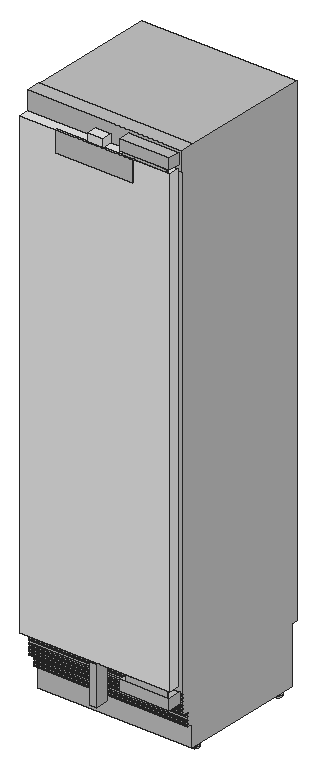
Revit family "FP_Revit_18_RS2484SRK1_Fridge_90001064A", category Specialty Equipment, Revit 2018
Family settings
  Round Connector Dimension = Use Diameter
  Part Type = Normal
  OmniClass Number = 23.40.40.11.11
  OmniClass Title = Refrigerators and Freezers
  Work Plane-Based = No
  Always vertical = Yes
  Cut with Voids When Loaded = Yes
  Shared = No
  Room Calculation Point = No
Parameters (values of type "RS2484SRK1")
  Visibility - Water Connection = no
  Visibility - Visibility Control Note = yes
  Visibility - Clearance Required = yes
  URL = "www.fisherpaykel.com"
  Stainless Steel Door Panels (RD2484R4D) = no
  Product - Width = 603 mm  # constant formula
  Product - Height = 2134 mm  # constant formula
  Product - Depth (exl front panel) = 610 mm  # constant formula
  Model = "RS2484SRK1"
  Material - Handle = Fisher & Paykel - Aluminium
  Material - Door Structure = Fisher & Paykel - White
  Material - Door Front = Fisher & Paykel - Stainless Steel
  Material - Body = Fisher & Paykel - Grey
  Manufacturer = "Fisher & Paykel Appliances"
  Handle Style - Professional Square (AHV2-RD84) = no
  Handle Style - Professional Round (AHC-RD84) = no
  Handle Style - Contemporary Square (AHD3-RD84) = no
  Handle Style - Contemporary Round (AHS-RD84) = no
  Description = "24\" Integrated Column Refrigerator with stainless steel interior"
  Connector Description - Water = "Water Supply not required"
  Connector Description - Electrical = "120 V, 10 amp fused electrical supply"
  Cavity - Width = 610 mm  # constant formula
  Cavity - Height = 2134 mm  # constant formula
  Cavity - Depth = 635 mm  # constant formula
Types (4, lengths in mm): name | Visibility - Water Connection | Model | Description | Connector Description - Water
  (no name) | no | "RS2484SRK1" | "24\" Integrated Column Refrigerator with stainless steel interior" | "Water Supply not required"
  RS2484SRHK1 | yes | "RS2484SRHK1" | "24\" Integrated Column Refrigerator with internal water, stainless steel interior" | "1/4\" (6mm) comp. stainless steel braided hose"
  RS2484SR1 | no | "RS2484SR1" | "24\" Integrated Column Refrigerator" | "Water Supply not required"
  RS2484SRK1 | no | "RS2484SRK1" | "24\" Integrated Column Refrigerator with stainless steel interior" | "Water Supply not required"
Reference planes
  plane 1 "Datum": y = 0
  plane 2: z = 0
  plane 3 "Center (Left/Right)": x = 0
  plane 4 "Product LHS": x = -301.5
  plane 5 "Product RHS": x = 301.5
  plane 6 "Product - Depth": y = 610
  plane 7 "Cavity LHS": x = -305
  plane 8 "Cavity RHS": x = 305
  plane 9 "Cavity - Depth": y = 612.9
  plane 10 "Handle Offset": x = -238.5
  plane 11 "Product Height": z = 2134
  plane 12 "Cavity Height": z = 2134
  plane 13 "Door Panel Datum": y = -4.1
Forms (mm)
  Extrusion 1, solid, material "Fisher & Paykel - Grey" <- "Material - Body", detail levels fine
    sketch origin (0, 0, 0) x (0, 1, 0) y (0, 0, 1)
      loop
        line (100.1, 19.1) -> (587.9, 19.1) -> (587.9, 239.7) -> (610, 239.7) -> (610, 2131.9) -> (105.1, 2131.9) -> (105.1, 2134) -> (49.9, 2134) -> (49.9, 2059) -> (56, 2059) -> (56, 228.6) -> (59.5, 228.6) -> (59.5, 219.7) -> (56.5, 219.7) -> (56.5, 215.9) -> (59.5, 215.9) -> (59.5, 207) -> (56.5, 207) -> (56.5, 203.2) -> (59.5, 203.2) -> (59.5, 194.3) -> (56.5, 194.3) -> (56.5, 190.5) -> (59.5, 190.5) -> (59.5, 181.6) -> (56.5, 181.6) -> (56.5, 177.8) -> (59.5, 177.8) -> (59.5, 168.9) -> (56.5, 168.9) -> (56.5, 165.1) -> (59.5, 165.1) -> (59.5, 156.2) -> (56.5, 156.2) -> (56.5, 152.4) -> (84.1, 152.4) -> (84.1, 143.5) -> (81.1, 143.5) -> (81.1, 139.7) -> (84.1, 139.7) -> (84.1, 130.8) -> (81.1, 130.8) -> (81.1, 127) -> (84.1, 127) -> (84.1, 118.1) -> (81.1, 118.1) -> (81.1, 114.3) -> (84.1, 114.3) -> (84.1, 105.4) -> (81.1, 105.4) -> (81.1, 101.6) -> (100.1, 101.6) -> (100.1, 19.1)
    from -301.5 to 301.5
  Extrusion 2, solid, material "Fisher & Paykel - Grey" <- "Material - Body"
    sketch origin (0, 0, 0) x (1, 0, 0) y (0, 1, 0)
      loop
        circle (-281, 547.8) r 4.1
      loop
        circle (-281, 141.8) r 4.1
      loop
        circle (281, 547.8) r 4.1
      loop
        circle (281, 141.8) r 4.1
    from 3 to 19.1
  Extrusion 3, solid, material "Fisher & Paykel - Grey" <- "Material - Body"
    sketch origin (0, 0, 0) x (1, 0, 0) y (0, 1, 0)
      loop
        circle (-281, 547.8) r 14.5
      loop
        circle (-281, 141.8) r 14.555
      loop
        circle (281, 547.8) r 14.5
      loop
        circle (281, 141.8) r 14.555
    from 0 to 3
  Extrusion 4, solid, material "Fisher & Paykel - Grey" <- "Material - Body", detail levels fine
    sketch origin (0, 0, 0) x (1, 0, 0) y (0, 1, 0)
      loop
        line (-7.5, 49) -> (-13.797, -4.1) -> (13.797, -4.1) -> (7.5, 49) -> (-7.5, 49)
    from 104.2 to 254.2
  Extrusion 5, solid, material "Fisher & Paykel - Grey" <- "Material - Body", detail levels fine
    sketch origin (0, 0, 0) x (1, 0, 0) y (0, 0, 1)
      loop
        line (289.9, 2123.15) -> (95.42, 2123.15) -> (95.42, 2081.05) -> (289.9, 2081.05) -> (289.9, 2123.15)
    from -49 to -2.5
  Extrusion 6, solid, material "Fisher & Paykel - Grey" <- "Material - Body", detail levels fine
    sketch origin (0, 0, 0) x (0, 1, 0) y (0, 0, 1)
      loop
        line (0, 2070.6) -> (0, 1988.6) -> (2, 1988.6) -> (2, 2068.6) -> (4, 2068.6) -> (4, 2070.6) -> (0, 2070.6)
    from -150 to 150
  Extrusion 7, solid, material "Fisher & Paykel - Grey" <- "Material - Body"
    sketch origin (0, 0, 0) x (1, 0, 0) y (0, 0, 1)
      loop
        circle (226.5, 119.813) r 5
      loop
        circle (-226.5, 119.813) r 5
    from -590 to -587.9
  Extrusion 8, solid, material "Fisher & Paykel - White" <- "Material - Door Structure"
    sketch origin (0, 0, 0) x (1, 0, 0) y (0, 1, 0)
      loop
        line (-276.5, 56) -> (-276.5, 42) -> (276.5, 42) -> (276.5, 56) -> (-276.5, 56)
    from 269.6 to 2030.7
  Extrusion 9, solid, material "Fisher & Paykel - White" <- "Material - Door Structure"
    sketch origin (0, 0, 0) x (1, 0, 0) y (0, 1, 0)
      loop
        line (-292.9, 42) -> (-292.9, 3) -> (292.9, 3) -> (292.9, 42) -> (-292.9, 42)
    from 254.2 to 2068.6
  Extrusion 10, solid, material "Fisher & Paykel - White" <- "Material - Door Structure", detail levels fine
    sketch origin (0, 0, 0) x (1, 0, 0) y (0, 0, 1)
      loop
        line (-29.5, 2100.1) -> (-29.5, 2068.6) -> (29.5, 2068.6) -> (29.5, 2100.1) -> (-29.5, 2100.1)
    from -42 to -3
  Extrusion 11, solid, material "Fisher & Paykel - Stainless Steel" <- "Material - Door Front", visible <- "Stainless Steel Door Panels (RD2484R4D)"
    sketch origin (0, 0, 0) x (0, 1, 0) y (0, 0, 1)
      loop
        line (-22.1, 2130.8) -> (-22.1, 102) -> (-4.1, 102) -> (-4.1, 2130.8) -> (-22.1, 2130.8)
    from -301.5 to 301.5
  Extrusion 12, solid, material "Fisher & Paykel - Grey" <- "Material - Body", detail levels coarse+medium
    sketch origin (0, 0, 0) x (0, 1, 0) y (0, 0, 1)
      loop
        line (49.9, 2134) -> (49.9, 2059) -> (56, 2059) -> (56, 152.4) -> (81.1, 152.4) -> (81.1, 101.6) -> (100.1, 101.6) -> (100.1, 19.1) -> (587.9, 19.1) -> (587.9, 239.7) -> (610, 239.7) -> (610, 2134) -> (49.9, 2134)
    from -301.5 to 301.5
  Extrusion 13, solid, material "Fisher & Paykel - Clearance Required", visible <- "Visibility - Clearance Required", detail levels coarse
    sketch origin (0, 0, 0) x (1, 0, 0) y (0, 1, 0)
      loop
        arc (-301.5, -22.1) -> (-13.376, -547.171) -> (584.28, -586.183) r 622.5
        line (584.28, -586.183) -> (565.051, -544.946) -> (589.549, -533.523)
        arc (589.549, -533.523) -> (598.013, -510.267) -> (574.757, -501.802) r 17.5
        line (574.757, -501.802) -> (550.259, -513.225) -> (329.441, -39.678)
        arc (329.441, -39.678) -> (310.616, -38.605) -> (301.5, -22.1) r 19.5
        line (301.5, -22.1) -> (-301.5, -22.1)
    from 0 to 2134
  Extrusion 14, solid, material "Fisher & Paykel - Grey" <- "Material - Body", detail levels fine
    sketch origin (0, 0, 0) x (1, 0, 0) y (0, 0, 1)
      loop
        line (289.9, 187.65) -> (289.9, 229.75) -> (95.42, 229.75) -> (95.42, 187.65) -> (289.9, 187.65)
    from -56 to -2.5
  Extrusion 15, solid, material "Fisher & Paykel - Grey" <- "Material - Body", detail levels fine
    sketch origin (0, 0, -4) x (0, 1, 0) y (0, 0, 1)
      loop
        arc (163.888, 23.1) -> (180.4, 13.63) -> (196.912, 23.1) r 19.13
        line (196.912, 23.1) -> (163.888, 23.1)
      loop
        arc (493.888, 23.1) -> (510.4, 13.63) -> (526.912, 23.1) r 19.13
        line (526.912, 23.1) -> (493.888, 23.1)
    from 191 to 219
  Extrusion 16, solid, material "Fisher & Paykel - Grey" <- "Material - Body", detail levels fine
    sketch origin (0, 0, -4) x (0, 1, 0) y (0, 0, -1)
      loop
        line (163.888, -23.1) -> (196.912, -23.1)
        arc (196.912, -23.1) -> (180.4, -13.63) -> (163.888, -23.1) r 19.13
      loop
        line (493.888, -23.1) -> (526.912, -23.1)
        arc (526.912, -23.1) -> (510.4, -13.63) -> (493.888, -23.1) r 19.13
    from 191 to 219
  Extrusion 17, solid, material "Fisher & Paykel - Clearance Required", visible <- "Visibility - Clearance Required", detail levels coarse
    sketch origin (0, 0, 0) x (1, 0, 0) y (0, 1, 0)
      loop
        line (-305, 612.9) -> (-305, -4.1) -> (305, -4.1) -> (305, 612.9) -> (-305, 612.9)
    from 0 to 2134
  Extrusion 18, void
    sketch origin (0, 0, 0) x (1, 0, 0) y (0, 1, 0)
      loop
        line (-305, 612.9) -> (-305, -22.1) -> (305, -22.1) -> (305, 612.9) -> (-305, 612.9)
    from 0 to 2134
  Extrusion 19, solid, material "Fisher & Paykel - Grey" <- "Material - Body", detail levels fine
    sketch origin (0, 0, 0) x (1, 0, 0) y (0, 0, 1)
      loop
        line (118.4, 254.2) -> (118.4, 229.75) -> (282.9, 229.75) -> (282.9, 254.2) -> (118.4, 254.2)
      loop
        line (106, 2081.05) -> (106, 2068.6) -> (282.9, 2068.6) -> (282.9, 2076.05) -> (242.9, 2081.05) -> (106, 2081.05)
    from -7 to -4
Lines and regions (mm)
  model lines, style "Fisher & Paykel"
    curve 1: line (-301.5, -4.1, 2130.8) -> (301.5, -4.1, 2130.8)
    curve 2: line (-301.5, -4.1, 102) -> (-301.5, -4.1, 2130.8)
    curve 3: line (301.5, -4.1, 102) -> (-301.5, -4.1, 102)
    curve 4: line (301.5, -4.1, 2130.8) -> (301.5, -4.1, 102)
Text (mm)
  text "Due to ongoing product development, product details are subject to change without notice. \nPlease always refer to www.fisherpaykel.com for the most current product information. \n© Fisher & Paykel 2020" at (41.04, -678.295, 0), in view "Ref. Level (Plan)"
Dimensions and locks
  equal spacing: plane 4 "Product LHS", plane 3 "Center (Left/Right)", plane 5 "Product RHS"
  "Product - Width": plane 4 "Product LHS" to plane 5 "Product RHS"
  "Product - Depth (exl front panel)": plane 1 "Datum" to plane 6 "Product - Depth"
  equal spacing: plane 7 "Cavity LHS", plane 3 "Center (Left/Right)", plane 8 "Cavity RHS"
  "Cavity - Width": plane 7 "Cavity LHS" to plane 8 "Cavity RHS"
  plane 4 "Product LHS" to Extrusion 2 sketch curve = 24.6 mm
  plane 4 "Product LHS" to plane 10 "Handle Offset" = 63 mm
  Extrusion 7 sketch curve to Extrusion 1 = 119.887 mm  (x2)
  Extrusion 7 sketch curve to plane 5 "Product RHS" = 75 mm
  plane 4 "Product LHS" to Extrusion 7 sketch curve = 75 mm
  Extrusion 1 sketch curve to Extrusion 1 sketch curve = 82.5 mm
  Extrusion 1 sketch curve to Extrusion 1 sketch curve = 209.5 mm
  Extrusion 3 to level = 3 mm
  Extrusion 12 to Extrusion 9 = 235.1 mm
  Extrusion 12 to Extrusion 8 = 250.5 mm
  Extrusion 12 to Extrusion 12 = 2114.9 mm
  Extrusion 12 to Extrusion 11 = 82.9 mm
  "Product - Height": level to plane 11 "Product Height"
  plane 11 "Product Height" to Extrusion 11 = 3.2 mm
  Extrusion 9 to plane 11 "Product Height" = 65.4 mm
  Extrusion 8 to plane 11 "Product Height" = 103.3 mm
  Extrusion 12 sketch curve to plane 11 "Product Height" = 75 mm
  Extrusion 1 sketch curve to plane 11 "Product Height" = 2.1 mm
  Extrusion 1 sketch curve to plane 11 "Product Height" = 75 mm
  "Cavity - Height": plane 12 "Cavity Height" to level
  plane 1 "Datum" to Extrusion 17 = 612.9 mm
  plane 1 "Datum" to Extrusion 18 = 612.9 mm
  Extrusion 19 sketch curve to Extrusion 19 sketch curve = 40 mm
  Extrusion 19 sketch curve to plane 3 "Center (Left/Right)" = 106 mm
  Extrusion 19 sketch curve to Extrusion 19 sketch curve = 176.9 mm
  Extrusion 19 sketch curve to plane 3 "Center (Left/Right)" = 118.4 mm
  plane 3 "Center (Left/Right)" to Extrusion 19 sketch curve = 282.9 mm
  Extrusion 18 to plane 1 "Datum" = 22.1 mm
  "Cavity - Depth": plane 9 "Cavity - Depth" to Extrusion 18
  radius of Extrusion 7 sketch curve = 5 mm
  aligned and locked: level to plane 2
  aligned and locked: Extrusion 11 to plane 5 "Product RHS"
  aligned and locked: plane 4 "Product LHS" to Extrusion 11
  aligned and locked: Extrusion 12 to plane 5 "Product RHS"
  aligned and locked: Extrusion 12 to plane 4 "Product LHS"
  aligned and locked: Extrusion 12 sketch curve to plane 11 "Product Height"
  aligned and locked: plane 11 "Product Height" to Extrusion 1 sketch curve
  aligned and locked: Extrusion 15 sketch curve to Extrusion 15 sketch curve
  aligned and locked: Extrusion 16 sketch curve to Extrusion 16 sketch curve
  aligned and locked: Extrusion 17 to Extrusion 13
  aligned and locked: Extrusion 18 to Extrusion 13
  aligned and locked: Extrusion 1 to plane 5 "Product RHS"
  aligned and locked: plane 4 "Product LHS" to Extrusion 1
  aligned and locked: Extrusion 2 to Extrusion 1
  aligned and locked: nested 5 to plane 10 "Handle Offset"
  aligned and locked: nested 4 to plane 10 "Handle Offset"
  aligned and locked: nested 3 to plane 10 "Handle Offset"
  aligned and locked: nested 2 to plane 10 "Handle Offset"
Automatic sketch dimensions
  Extrusion 2 sketch curve to plane 4 "Product LHS" = 20.5 mm  (x2)
  plane 5 "Product RHS" to Extrusion 2 sketch curve = 20.5 mm  (x2)
  Extrusion 2 sketch curve to plane 1 "Datum" = 141.8 mm  (x2)
  Extrusion 2 sketch curve to plane 6 "Product - Depth" = 62.2 mm  (x2)
  Extrusion 3 sketch curve to plane 4 "Product LHS" = 20.5 mm  (x2)
  plane 5 "Product RHS" to Extrusion 3 sketch curve = 20.5 mm  (x2)
  Extrusion 3 sketch curve to plane 1 "Datum" = 141.8 mm  (x2)
  Extrusion 3 sketch curve to plane 6 "Product - Depth" = 62.2 mm  (x2)
  plane 1 "Datum" to Extrusion 4 sketch curve = 4.1 mm
  Extrusion 4 sketch curve to plane 3 "Center (Left/Right)" = 13.797 mm
  Extrusion 4 sketch curve to plane 3 "Center (Left/Right)" = 7.5 mm
  plane 3 "Center (Left/Right)" to Extrusion 4 sketch curve = 7.5 mm
  plane 3 "Center (Left/Right)" to Extrusion 4 sketch curve = 13.797 mm
  Extrusion 4 sketch curve to plane 1 "Datum" = 49 mm
  plane 11 "Product Height" to Extrusion 5 sketch curve = 10.85 mm
  plane 3 "Center (Left/Right)" to Extrusion 5 sketch curve = 95.42 mm
  plane 5 "Product RHS" to Extrusion 5 sketch curve = 11.6 mm
  Extrusion 5 sketch curve to Extrusion 5 sketch curve = 42.1 mm
  Extrusion 6 sketch curve to plane 1 "Datum" = 0 mm
  Extrusion 6 sketch curve to plane 1 "Datum" = 2 mm
  Extrusion 6 sketch curve to Extrusion 6 sketch curve = 2 mm  (x2)
  plane 11 "Product Height" to Extrusion 6 sketch curve = 145.4 mm
  plane 11 "Product Height" to Extrusion 6 sketch curve = 65.4 mm
  Extrusion 8 sketch curve to plane 4 "Product LHS" = 25 mm
  plane 5 "Product RHS" to Extrusion 8 sketch curve = 25 mm
  Extrusion 8 sketch curve to plane 1 "Datum" = 42 mm
  Extrusion 8 sketch curve to Extrusion 8 sketch curve = 14 mm
  Extrusion 9 sketch curve to plane 1 "Datum" = 3 mm
  Extrusion 9 sketch curve to plane 4 "Product LHS" = 8.6 mm
  plane 5 "Product RHS" to Extrusion 9 sketch curve = 8.6 mm
  Extrusion 9 sketch curve to Extrusion 9 sketch curve = 39 mm
  Extrusion 10 sketch curve to plane 3 "Center (Left/Right)" = 29.5 mm
  plane 3 "Center (Left/Right)" to Extrusion 10 sketch curve = 29.5 mm
  plane 11 "Product Height" to Extrusion 10 sketch curve = 65.4 mm
  Extrusion 10 sketch curve to Extrusion 10 sketch curve = 31.5 mm
  plane 1 "Datum" to Extrusion 11 sketch curve = 22.1 mm
  plane 1 "Datum" to Extrusion 11 sketch curve = 4.1 mm
  level to Extrusion 11 sketch curve = 102 mm
  plane 11 "Product Height" to Extrusion 11 sketch curve = 3.2 mm
  Extrusion 13 sketch curve to Extrusion 13 sketch curve = 0 mm  (x2)
  Extrusion 13 sketch curve to plane 4 "Product LHS" = 0 mm
  Extrusion 13 sketch curve to plane 5 "Product RHS" = 0 mm
  Extrusion 13 sketch curve to plane 8 "Cavity RHS" = 16 mm
  Extrusion 13 sketch curve to Extrusion 13 sketch curve = 8.441 mm
  Extrusion 13 sketch curve to plane 8 "Cavity RHS" = 245.259 mm
  Extrusion 13 sketch curve to Extrusion 13 sketch curve = 14.792 mm
  Extrusion 13 sketch curve to Extrusion 13 sketch curve = 24.498 mm
  Extrusion 13 sketch curve to Extrusion 13 sketch curve = 7.396 mm  (x2)
  Extrusion 13 sketch curve to Extrusion 13 sketch curve = 19.229 mm
  plane 1 "Datum" to Extrusion 13 sketch curve = 586.183 mm
  Extrusion 13 sketch curve to Extrusion 13 sketch curve = 41.237 mm
  Extrusion 13 sketch curve to Extrusion 13 sketch curve = 15.86 mm
  plane 3 "Center (Left/Right)" to Extrusion 14 sketch curve = 95.42 mm
  plane 5 "Product RHS" to Extrusion 14 sketch curve = 11.6 mm
  level to Extrusion 14 sketch curve = 187.65 mm
  Extrusion 14 sketch curve to Extrusion 14 sketch curve = 42.1 mm
  Extrusion 15 sketch curve to plane 1 "Datum" = 163.888 mm
  Extrusion 15 sketch curve to Extrusion 15 sketch curve = 16.512 mm  (x2)
  Extrusion 15 sketch curve to plane 6 "Product - Depth" = 116.112 mm
  Extrusion 15 sketch curve to Extrusion 15 sketch curve = 9.66 mm  (x2)
  Extrusion 16 sketch curve to plane 1 "Datum" = 163.888 mm
  Extrusion 16 sketch curve to Extrusion 16 sketch curve = 16.512 mm  (x2)
  Extrusion 16 sketch curve to plane 6 "Product - Depth" = 116.112 mm
  Extrusion 16 sketch curve to Extrusion 16 sketch curve = 9.66 mm  (x2)
  Extrusion 17 sketch curve to plane 7 "Cavity LHS" = 0 mm
  Extrusion 17 sketch curve to plane 8 "Cavity RHS" = 0 mm
  Extrusion 17 sketch curve to plane 9 "Cavity - Depth" = 0 mm
  plane 1 "Datum" to Extrusion 17 sketch curve = 4.1 mm
  Extrusion 18 sketch curve to plane 7 "Cavity LHS" = 0 mm
  Extrusion 18 sketch curve to plane 8 "Cavity RHS" = 0 mm
  plane 9 "Cavity - Depth" to Extrusion 18 sketch curve = 0 mm
  plane 1 "Datum" to Extrusion 18 sketch curve = 22.1 mm
  level to Extrusion 19 sketch curve = 229.75 mm
  Extrusion 19 sketch curve to Extrusion 19 sketch curve = 24.45 mm
  plane 11 "Product Height" to Extrusion 19 sketch curve = 65.4 mm
  Extrusion 19 sketch curve to Extrusion 19 sketch curve = 7.45 mm
  Extrusion 19 sketch curve to Extrusion 19 sketch curve = 5 mm
  Extrusion 12 sketch curve to plane 6 "Product - Depth" = 0 mm
  Extrusion 12 sketch curve to plane 6 "Product - Depth" = 22.1 mm
  Extrusion 12 sketch curve to plane 1 "Datum" = 100.1 mm
  Extrusion 12 sketch curve to Extrusion 12 sketch curve = 19 mm
  Extrusion 12 sketch curve to plane 1 "Datum" = 56 mm
  Extrusion 12 sketch curve to plane 1 "Datum" = 49.9 mm
  level to Extrusion 12 sketch curve = 152.4 mm
  Extrusion 12 sketch curve to Extrusion 12 sketch curve = 50.8 mm
  level to Extrusion 12 sketch curve = 19.1 mm
  Extrusion 12 sketch curve to Extrusion 12 sketch curve = 220.6 mm
  level to Extrusion 15 sketch curve = 19.1 mm
  level to Extrusion 16 sketch curve = 28.76 mm
  Extrusion 1 sketch curve to plane 6 "Product - Depth" = 0 mm
  Extrusion 1 sketch curve to Extrusion 1 sketch curve = 22.1 mm
  Extrusion 1 sketch curve to plane 1 "Datum" = 105.1 mm
  level to Extrusion 1 sketch curve = 19.1 mm
  Extrusion 1 sketch curve to plane 1 "Datum" = 100.1 mm
  Extrusion 1 sketch curve to Extrusion 1 sketch curve = 16 mm
  Extrusion 1 sketch curve to Extrusion 1 sketch curve = 0 mm  (x8)
  Extrusion 1 sketch curve to Extrusion 1 sketch curve = 3 mm  (x10)
  Extrusion 1 sketch curve to plane 1 "Datum" = 59.5 mm
  Extrusion 1 sketch curve to plane 1 "Datum" = 56 mm
  Extrusion 1 sketch curve to plane 1 "Datum" = 49.9 mm
  Extrusion 1 sketch curve to Extrusion 1 sketch curve = 3.8 mm  (x10)
  Extrusion 1 sketch curve to Extrusion 1 sketch curve = 8.9 mm  (x9)
  Extrusion 1 sketch curve to Extrusion 1 sketch curve = 220.6 mm
  plane 5 "Product RHS" to curve 1 = 0 mm
  plane 4 "Product LHS" to curve 3 = 0 mm
  level to curve 3 = 102 mm
  plane 11 "Product Height" to curve 2 = 3.2 mm
  radius of Extrusion 2 sketch curve = 4.1 mm  (x3)
  radius of Extrusion 3 sketch curve = 14.5 mm  (x2)
  radius of Extrusion 3 sketch curve = 14.555 mm  (x2)
  radius of Extrusion 7 sketch curve = 5 mm
Nested families
  nested 1: "Visibility Control Note 18" at (0, 0, 0), visible <- "Visibility - Visibility Control Note", type "Visibility Control Note 18"
  nested 2: "Handle Contemporary Round - Vertical" at (-238.5, -22.1, 1242.58), visible <- "Handle Style - Contemporary Round (AHS-RD84)", type "AHS-RD84 - Contemporary round handle (Vertical) 852mm"
  nested 3: "Handle Contemporary Square - Vertical" at (-238.5, -22.1, 1242.58), visible <- "Handle Style - Contemporary Square (AHD3-RD84)", type "AHD3-RD84 - Contemporary square handle (Vertical) 852mm"
  nested 4: "Handle Professional Round - Vertical" at (-238.5, -22.1, 1242.58), visible <- "Handle Style - Professional Round (AHC-RD84)", type "AHC-RD84 - Professional round handle (Vertical) 786mm"
  nested 5: "Handle Professional Square - Vertical" at (-238.5, -22.1, 1242.58), visible <- "Handle Style - Professional Square (AHV2-RD84)", type "AHV2-RD84 - Professional square handle (Vertical) 792mm"
Connectors
  electrical at (-226.5, 590, 119.813), driven by "Connector Description - Electrical"
    settings: on Extrusion 7, index 1, voltage 120 V, apparent load 0 VA, apparent load phase1 0 VA, apparent load phase2 0 VA, apparent load phase3 0 VA, power factor 1, load classification "Other", number of poles 1, system type 30, power factor state 1, is connector primary yes, connector utility no, sub classification motor no, connector description "120 V, 10 amp fused electrical supply"
  piping at (226.5, 590, 119.813), diameter 12.7, driven by "Visibility - Water Connection", driven by "Connector Description - Water"
    settings: on Extrusion 7, index 2, connector inside diameter 609.6 mm, connector length 0 mm, flow factor 0, pipe flow 0.0 L/s, pressure drop 0.0 Pa, fitting loss kfactor 0, connector angle 0.00°, fixture units 0, engagement length 0 mm, angle of deflection 0.00°, flow configuration 0, flow direction 1, fitting loss method 0, system type 20, joint type 0, gender type 0, connector reference index -1, connector utility 0, adjustable connector no, is connector primary yes, connector description "Water Supply not required"
Definition of nested family "Handle Contemporary Round - Vertical"
  Parameters (values of type "AHSRS80A - Contemporary round handle (1 of 2) (Vertical) 727mm")
    URL = "www.fisherpaykel.com"
    Material - Handle = none
    Manufacturer = "Fisher & Paykel Appliances"
    Handle - Length = 727 mm
  Types (6, lengths in mm): name | Handle - Length
    AHS-RD21 - Contemporary round handle (Vertical) 852mm | 852
    AHSRD2484W - Contemporary round handle (1 of 2) (Vertical) 727mm | 727
    AHSRD3084W - Contemporary round handle (1 of 2) (Vertical) 727mm | 727
    AHS-RD84 - Contemporary round handle (Vertical) 852mm | 852
    AHSRS3272A - Contemporary round handle (1 of 2) (Vertical) 727mm | 727
    AHSRS80A - Contemporary round handle (1 of 2) (Vertical) 727mm | 727
  Reference planes
    plane 1 "Center (Front/Back)": y = 0
    plane 2: z = 0
    plane 3 "Center (Left/Right)": x = 0
    plane 4 "Top": z = 363.5
    plane 5 "Bottom": z = -363.5
    plane 6 "Top Standoff": z = 243.5
    plane 7 "Bottom Standoff": z = -243.5
  Forms (mm)
    Extrusion 1, solid, material <- "Material - Handle"
      sketch origin (0, 0, 0) x (1, 0, 0) y (0, 1, 0)
        loop
          circle (0, -32.3) r 8.7
      from -243.5 to 243.5
    Extrusion 2, solid, material <- "Material - Handle", detail levels fine
      sketch origin (0, 0, 0) x (1, 0, 0) y (0, 1, 0)
        loop
          line (-8.7, 0) -> (-8.7, -32.3)
          arc (-8.7, -32.3) -> (0, -41) -> (8.7, -32.3) r 8.7
          line (8.7, -32.3) -> (8.7, 0) -> (-8.7, 0)
      from 243.5 to 363.5
    Extrusion 3, solid, material <- "Material - Handle", detail levels fine
      sketch origin (0, 0, 0) x (1, 0, 0) y (0, 1, 0)
        loop
          line (-8.7, 0) -> (-8.7, -32.3)
          arc (-8.7, -32.3) -> (0, -41) -> (8.7, -32.3) r 8.7
          line (8.7, -32.3) -> (8.7, 0) -> (-8.7, 0)
      from -363.5 to -243.5
    Sweep 4, void
      path in 3D
        loop
          line (8.7, 0, -363.5) -> (8.7, -32.3, -363.5)
          arc (8.7, -32.3, -363.5) -> (0, -41, -363.5) -> (-8.7, -32.3, -363.5) r 8.7
          line (-8.7, -32.3, -363.5) -> (-8.7, 0, -363.5)
      profile origin (8.7, -16.15, -363.5) x (-1, 0, 0) y (0, 0, -1)
        loop
          line (0, 0) -> (0, -1) -> (1, 0) -> (0, 0)
    Sweep 5, void
      path in 3D
        loop
          line (-8.7, 0, 363.5) -> (-8.7, -32.3, 363.5)
          arc (-8.7, -32.3, 363.5) -> (0, -41, 363.5) -> (8.7, -32.3, 363.5) r 8.7
          line (8.7, -32.3, 363.5) -> (8.7, 0, 363.5)
      profile origin (8.7, -16.15, 363.5) x (-1, 0, 0) y (0, 0, 1)
        loop
          line (0, 0) -> (0, -1) -> (1, 0) -> (0, 0)
    Extrusion 6, solid, material <- "Material - Handle", detail levels coarse+medium
      sketch origin (0, 0, 0) x (1, 0, 0) y (0, 1, 0)
        loop
          line (-8.7, 0) -> (-8.7, -32.3)
          arc (-8.7, -32.3) -> (0, -41) -> (8.7, -32.3) r 8.7
          line (8.7, -32.3) -> (8.7, 0) -> (-8.7, 0)
      from 243.5 to 363.5
    Extrusion 7, solid, material <- "Material - Handle", detail levels coarse+medium
      sketch origin (0, 0, 0) x (1, 0, 0) y (0, 1, 0)
        loop
          line (-8.7, 0) -> (-8.7, -32.3)
          arc (-8.7, -32.3) -> (0, -41) -> (8.7, -32.3) r 8.7
          line (8.7, -32.3) -> (8.7, 0) -> (-8.7, 0)
      from -363.5 to -243.5
  Cuts and joins
    Sweep 4 cuts Extrusion 3
    Sweep 5 cuts Extrusion 2
  Lines and regions (mm)
    sketch lines
      curve 1: line (8.7, 0, -363.5) -> (8.7, -32.3, -363.5)
      curve 2: arc (-8.7, -32.3, -363.5) -> (0, -41, -363.5) -> (8.7, -32.3, -363.5) r 8.7
      curve 3: line (-8.7, -32.3, -363.5) -> (-8.7, 0, -363.5)
      curve 4: line (8.7, -32.3, 363.5) -> (8.7, 0, 363.5)
      curve 5: arc (8.7, -32.3, 363.5) -> (0, -41, 363.5) -> (-8.7, -32.3, 363.5) r 8.7
      curve 6: line (-8.7, 0, 363.5) -> (-8.7, -32.3, 363.5)
  Dimensions and locks
    equal spacing: plane 4 "Top", level, plane 5 "Bottom"
    "Handle - Length": plane 4 "Top" to plane 5 "Bottom"
    locked: plane 4 "Top" to plane 6 "Top Standoff" at 120
    locked: plane 7 "Bottom Standoff" to plane 5 "Bottom" at 120
    Extrusion 2 sketch curve to Extrusion 2 sketch curve = 17.4 mm
    Extrusion 3 sketch curve to Extrusion 3 sketch curve = 17.4 mm
    Extrusion 6 sketch curve to Extrusion 6 sketch curve = 17.4 mm
    Extrusion 7 sketch curve to Extrusion 7 sketch curve = 17.4 mm
    aligned and locked: level to plane 2
    aligned and locked: plane 4 "Top" to Extrusion 2
    aligned and locked: Extrusion 3 to plane 5 "Bottom"
    aligned and locked: plane 7 "Bottom Standoff" to Extrusion 3
    aligned and locked: Extrusion 1 to plane 7 "Bottom Standoff"
    aligned and locked: plane 6 "Top Standoff" to Extrusion 1
    aligned and locked: Extrusion 2 to Extrusion 1
    aligned and locked: Extrusion 6 to Extrusion 1
    aligned and locked: plane 4 "Top" to Extrusion 6
    aligned and locked: Extrusion 7 to Extrusion 1
    aligned and locked: Extrusion 7 to plane 5 "Bottom"
  Automatic sketch dimensions
    Extrusion 1 sketch curve to plane 3 "Center (Left/Right)" = 0 mm
    plane 1 "Center (Front/Back)" to Extrusion 1 sketch curve = 32.3 mm
    plane 1 "Center (Front/Back)" to Extrusion 2 sketch curve = 0 mm
    Extrusion 2 sketch curve to plane 3 "Center (Left/Right)" = 0 mm
    Extrusion 2 sketch curve to plane 3 "Center (Left/Right)" = 8.7 mm
    plane 1 "Center (Front/Back)" to Extrusion 2 sketch curve = 32.3 mm
    plane 1 "Center (Front/Back)" to Extrusion 3 sketch curve = 0 mm
    Extrusion 3 sketch curve to plane 3 "Center (Left/Right)" = 0 mm
    Extrusion 3 sketch curve to plane 3 "Center (Left/Right)" = 8.7 mm
    plane 1 "Center (Front/Back)" to Extrusion 3 sketch curve = 32.3 mm
    Sweep 4 sketch curve to profile plane = 0 mm  (x2)
    Sweep 4 sketch curve to profile plane = 1 mm  (x2)
    Sweep 5 sketch curve to profile plane = 0 mm  (x2)
    Sweep 5 sketch curve to profile plane = 1 mm  (x2)
    Extrusion 6 sketch curve to plane 3 "Center (Left/Right)" = 0 mm
    Extrusion 6 sketch curve to plane 3 "Center (Left/Right)" = 8.7 mm
    plane 1 "Center (Front/Back)" to Extrusion 6 sketch curve = 32.3 mm
    Extrusion 6 sketch curve to Extrusion 6 sketch curve = 32.3 mm
    Extrusion 7 sketch curve to plane 3 "Center (Left/Right)" = 0 mm
    Extrusion 7 sketch curve to plane 3 "Center (Left/Right)" = 8.7 mm
    plane 1 "Center (Front/Back)" to Extrusion 7 sketch curve = 32.3 mm
    Extrusion 7 sketch curve to Extrusion 7 sketch curve = 32.3 mm
    radius of Extrusion 1 sketch curve = 8.7 mm
Definition of nested family "Handle Contemporary Square - Vertical"
  Parameters (values of type "AHD3RS80A - Contemporary square handle (1 of 2) (Vertical) 727mm")
    URL = "www.fisherpaykel.com"
    Material - Handle = none
    Manufacturer = "Fisher & Paykel Appliances"
    Handle - Length = 727 mm
  Types (7, lengths in mm): name | Handle - Length
    (no name) | 727
    AHD3-RD21 - Contemporary square handle (Vertical) 852mm | 852
    AHD3RD2484W - Contemporary square handle (1 of 2) (Vertical) 727mm | 727
    AHD3RD3084W - Contemporary square handle (1 of 2) (Vertical) 727mm | 727
    AHD3-RD84 - Contemporary square handle (Vertical) 852mm | 852
    AHD3RS3272A - Contemporary square handle (1 of 2) (Vertical) 727mm | 727
    AHD3RS80A - Contemporary square handle (1 of 2) (Vertical) 727mm | 727
  Reference planes
    plane 1 "Center (Front/Back)": y = 0
    plane 2: z = 0
    plane 3 "Center (Left/Right)": x = 0
    plane 4 "Top": z = 363.5
    plane 5 "Bottom": z = -363.5
    plane 6 "Top Standoff": z = 243.5
    plane 7 "Bottom Standoff": z = -243.5
  Forms (mm)
    Extrusion 1, solid, material <- "Material - Handle", detail levels fine
      sketch origin (0, 0, 0) x (1, 0, 0) y (0, 1, 0)
        loop
          arc (-7.583, -28.701) -> (-7.89, -29.057) -> (-8, -29.514) r 1
          line (-8, -29.514) -> (-8, -40.5)
          arc (-8, -40.5) -> (-7.561, -41.561) -> (-6.5, -42) r 1.5
          line (-6.5, -42) -> (6.5, -42)
          arc (6.5, -42) -> (7.561, -41.561) -> (8, -40.5) r 1.5
          line (8, -40.5) -> (8, -29.487)
          arc (8, -29.487) -> (7.889, -29.029) -> (7.58, -28.673) r 1
          arc (7.58, -28.673) -> (-0.006, -26.256) -> (-7.583, -28.701) r 13.038
      from -363.5 to 363.5
    Extrusion 2, solid, material <- "Material - Handle", detail levels fine
      sketch origin (0, 0, 0) x (1, 0, 0) y (0, 1, 0)
        loop
          arc (7.058, -28.23) -> (7.466, -28.244) -> (7.674, -27.893) r 0.4
          line (7.674, -27.893) -> (7.674, 0) -> (-7.674, 0) -> (-7.674, -27.86)
          arc (-7.674, -27.86) -> (-7.467, -28.21) -> (-7.06, -28.198) r 0.4
          arc (-7.06, -28.198) -> (0.004, -26.156) -> (7.058, -28.23) r 13.136
      from 243.5 to 363.5
    Extrusion 3, solid, material <- "Material - Handle", detail levels fine
      sketch origin (0, 0, 0) x (1, 0, 0) y (0, 1, 0)
        loop
          arc (7.058, -28.23) -> (7.466, -28.244) -> (7.674, -27.893) r 0.4
          line (7.674, -27.893) -> (7.674, 0) -> (-7.674, 0) -> (-7.674, -27.86)
          arc (-7.674, -27.86) -> (-7.467, -28.21) -> (-7.06, -28.198) r 0.4
          arc (-7.06, -28.198) -> (0.004, -26.156) -> (7.058, -28.23) r 13.136
      from -363.5 to -243.5
    Sweep 4, void
      path in 3D
        loop
          line (-8, -29.514, 363.5) -> (-8, -40.5, 363.5)
          arc (-8, -40.5, 363.5) -> (-7.561, -41.561, 363.5) -> (-6.5, -42, 363.5) r 1.5
          line (-6.5, -42, 363.5) -> (6.5, -42, 363.5)
          arc (6.5, -42, 363.5) -> (7.561, -41.561, 363.5) -> (8, -40.5, 363.5) r 1.5
          line (8, -40.5, 363.5) -> (8, -29.487, 363.5)
      profile origin (8, -34.994, 363.5) x (-1, 0, 0) y (0, 0, 1)
        loop
          line (0, 0) -> (0, -1.3) -> (1.3, 0) -> (0, 0)
    Sweep 5, void
      path in 3D
        loop
          line (8, -29.487, -363.5) -> (8, -40.5, -363.5)
          arc (8, -40.5, -363.5) -> (7.561, -41.561, -363.5) -> (6.5, -42, -363.5) r 1.5
          line (6.5, -42, -363.5) -> (-6.5, -42, -363.5)
          arc (-6.5, -42, -363.5) -> (-7.561, -41.561, -363.5) -> (-8, -40.5, -363.5) r 1.5
          line (-8, -40.5, -363.5) -> (-8, -29.514, -363.5)
      profile origin (8, -34.994, -363.5) x (-1, 0, 0) y (0, 0, -1)
        loop
          line (0, 0) -> (0, -1.3) -> (1.3, 0) -> (0, 0)
    Extrusion 6, void
      sketch origin (0, 0, 0) x (1, 0, 0) y (0, 0, 1)
        loop
          line (-8, -362.2) -> (-8, -363.5) -> (-6.7, -363.5) -> (-8, -362.2)
        loop
          line (8, -362.2) -> (6.7, -363.5) -> (8, -363.5) -> (8, -362.2)
      from 0 to 40
    Extrusion 7, void
      sketch origin (0, 0, 0) x (1, 0, 0) y (0, 0, 1)
        loop
          line (-8, 363.5) -> (-8, 362.2) -> (-6.7, 363.5) -> (-8, 363.5)
        loop
          line (8, 363.5) -> (6.7, 363.5) -> (8, 362.2) -> (8, 363.5)
      from 0 to 40
    Extrusion 8, solid, material <- "Material - Handle", detail levels coarse+medium
      sketch origin (0, 0, 0) x (0, 1, 0) y (0, 0, 1)
        loop
          line (0, 363.5) -> (-42, 363.5) -> (-42, -363.5) -> (0, -363.5) -> (0, -243.5) -> (-26.245, -243.5) -> (-26.245, 243.5) -> (0, 243.5) -> (0, 363.5)
      from -8 to 8
  Cuts and joins
    Sweep 4, Sweep 5, Extrusion 6, Extrusion 7 cuts Extrusion 1
    Extrusion 6 cuts Extrusion 3
    Extrusion 7 cuts Extrusion 2
  Lines and regions (mm)
    sketch lines
      curve 1: line (8, -40.5, 363.5) -> (8, -29.487, 363.5)
      curve 2: arc (8, -40.5, 363.5) -> (7.561, -41.561, 363.5) -> (6.5, -42, 363.5) r 1.5
      curve 3: line (-6.5, -42, 363.5) -> (6.5, -42, 363.5)
      curve 4: arc (-6.5, -42, 363.5) -> (-7.561, -41.561, 363.5) -> (-8, -40.5, 363.5) r 1.5
      curve 5: line (-8, -29.514, 363.5) -> (-8, -40.5, 363.5)
      curve 6: line (8, -29.487, -363.5) -> (8, -40.5, -363.5)
      curve 7: arc (6.5, -42, -363.5) -> (7.561, -41.561, -363.5) -> (8, -40.5, -363.5) r 1.5
      curve 8: line (6.5, -42, -363.5) -> (-6.5, -42, -363.5)
      curve 9: arc (-8, -40.5, -363.5) -> (-7.561, -41.561, -363.5) -> (-6.5, -42, -363.5) r 1.5
      curve 10: line (-8, -40.5, -363.5) -> (-8, -29.514, -363.5)
  Dimensions and locks
    equal spacing: plane 4 "Top", level, plane 5 "Bottom"
    "Handle - Length": plane 4 "Top" to plane 5 "Bottom"
    locked: plane 4 "Top" to plane 6 "Top Standoff" at 120
    locked: plane 7 "Bottom Standoff" to plane 5 "Bottom" at 120
    aligned and locked: level to plane 2
    aligned and locked: plane 4 "Top" to Extrusion 2
    aligned and locked: Extrusion 2 to plane 6 "Top Standoff"
    aligned and locked: plane 4 "Top" to Extrusion 1
    aligned and locked: Extrusion 1 to plane 5 "Bottom"
    aligned and locked: Extrusion 3 to plane 5 "Bottom"
    aligned and locked: plane 7 "Bottom Standoff" to Extrusion 3
    aligned and locked: plane 4 "Top" to Extrusion 8 sketch curve
    aligned and locked: plane 6 "Top Standoff" to Extrusion 8 sketch curve
    aligned and locked: plane 7 "Bottom Standoff" to Extrusion 8 sketch curve
    aligned and locked: plane 5 "Bottom" to Extrusion 8 sketch curve
    aligned and locked: plane 1 "Center (Front/Back)" to Extrusion 8 sketch curve  (x2)
  Automatic sketch dimensions
    Extrusion 1 sketch curve to plane 3 "Center (Left/Right)" = 8 mm
    Extrusion 1 sketch curve to Extrusion 1 sketch curve = 1 mm  (x2)
    Extrusion 1 sketch curve to Extrusion 1 sketch curve = 1.5 mm
    plane 3 "Center (Left/Right)" to Extrusion 1 sketch curve = 0.018 mm
    plane 3 "Center (Left/Right)" to Extrusion 1 sketch curve = 6.5 mm
    plane 3 "Center (Left/Right)" to Extrusion 1 sketch curve = 7 mm
    plane 1 "Center (Front/Back)" to Extrusion 1 sketch curve = 42 mm
    Extrusion 1 sketch curve to Extrusion 1 sketch curve = 1.206 mm
    Extrusion 1 sketch curve to Extrusion 1 sketch curve = 10.986 mm
    Extrusion 1 sketch curve to Extrusion 1 sketch curve = 11.013 mm
    Extrusion 1 sketch curve to Extrusion 1 sketch curve = 0 mm
    plane 1 "Center (Front/Back)" to Extrusion 2 sketch curve = 0 mm
    Extrusion 2 sketch curve to plane 3 "Center (Left/Right)" = 7.674 mm
    Extrusion 2 sketch curve to Extrusion 2 sketch curve = 0.4 mm  (x2)
    Extrusion 2 sketch curve to plane 3 "Center (Left/Right)" = 0.026 mm
    plane 3 "Center (Left/Right)" to Extrusion 2 sketch curve = 7.274 mm
    plane 1 "Center (Front/Back)" to Extrusion 2 sketch curve = 27.86 mm
    Extrusion 2 sketch curve to Extrusion 2 sketch curve = 0.033 mm
    Extrusion 2 sketch curve to Extrusion 2 sketch curve = 11.398 mm
    Extrusion 2 sketch curve to Extrusion 2 sketch curve = 0 mm
    plane 1 "Center (Front/Back)" to Extrusion 3 sketch curve = 0 mm
    Extrusion 3 sketch curve to Extrusion 3 sketch curve = 0.4 mm  (x2)
    Extrusion 3 sketch curve to Extrusion 3 sketch curve = 7.248 mm
    Extrusion 3 sketch curve to Extrusion 3 sketch curve = 7.3 mm
    plane 1 "Center (Front/Back)" to Extrusion 3 sketch curve = 27.86 mm
    Extrusion 3 sketch curve to Extrusion 3 sketch curve = 0.033 mm
    Extrusion 3 sketch curve to Extrusion 3 sketch curve = 11.398 mm
    Extrusion 3 sketch curve to Extrusion 3 sketch curve = 0 mm
    Sweep 4 sketch curve to profile plane = 0 mm  (x2)
    Sweep 4 sketch curve to profile plane = 1.3 mm  (x2)
    Sweep 5 sketch curve to profile plane = 0 mm  (x2)
    Sweep 5 sketch curve to profile plane = 1.3 mm  (x2)
    Extrusion 6 sketch curve to plane 5 "Bottom" = 0 mm  (x2)
    plane 5 "Bottom" to Extrusion 6 sketch curve = 1.3 mm  (x2)
    Extrusion 6 sketch curve to plane 3 "Center (Left/Right)" = 8 mm
    Extrusion 6 sketch curve to Extrusion 6 sketch curve = 1.3 mm  (x2)
    plane 3 "Center (Left/Right)" to Extrusion 6 sketch curve = 8 mm
    Extrusion 7 sketch curve to plane 4 "Top" = 0 mm  (x2)
    Extrusion 7 sketch curve to plane 3 "Center (Left/Right)" = 8 mm
    Extrusion 7 sketch curve to Extrusion 7 sketch curve = 1.3 mm  (x2)
    plane 3 "Center (Left/Right)" to Extrusion 7 sketch curve = 8 mm
    Extrusion 7 sketch curve to plane 4 "Top" = 1.3 mm  (x2)
    plane 1 "Center (Front/Back)" to Extrusion 8 sketch curve = 26.245 mm
    plane 1 "Center (Front/Back)" to Extrusion 8 sketch curve = 42 mm
    Extrusion 3 sketch curve to plane 3 "Center (Left/Right)" = 7.674 mm
Definition of nested family "Handle Professional Round - Vertical"
  Parameters (values of type "AHCRD2484W - Professional round handle (1 of 2) (Vertical) 661mm")
    URL = "www.fisherpaykel.com"
    Material - Standoff = none
    Material - Handle = none
    Manufacturer = "Fisher & Paykel Appliances"
    Handle - Length = 661 mm
  Types (5, lengths in mm): name | Handle - Length
    (no name) | 661
    AHCRD2484W - Professional round handle (1 of 2) (Vertical) 661mm | 661
    AHCRD3084W - Professional round handle (1 of 2) (Vertical) 661mm | 661
    AHC-RD84 - Professional round handle (Vertical) 786mm | 786
    AHCRS3272A - Professional round handle (1 of 2) (Vertical) 661mm | 661
  Reference planes
    plane 1 "Center (Front/Back)": y = 0
    plane 2: z = 0
    plane 3 "Center (Left/Right)": x = 0
    plane 4 "Top": z = 330.5
    plane 5 "Bottom": z = -330.5
    plane 6 "Top Standoff": z = 286.5
    plane 7 "Bottom Standoff": z = -286.5
  Forms (mm)
    Extrusion 1, solid, material <- "Material - Standoff", detail levels fine
      sketch origin (0, 0, 0) x (1, 0, 0) y (0, 1, 0)
        loop
          line (-18.5, 0) -> (-18.5, -39.4)
          arc (-18.5, -39.4) -> (0, -57.9) -> (18.5, -39.4) r 18.5
          line (18.5, -39.4) -> (18.5, 0) -> (-18.5, 0)
      from 286.5 to 330.5
    Extrusion 2, solid, material <- "Material - Standoff", detail levels fine
      sketch origin (0, 0, 0) x (1, 0, 0) y (0, 1, 0)
        loop
          line (-18.5, 0) -> (-18.5, -39.4)
          arc (-18.5, -39.4) -> (0, -57.9) -> (18.5, -39.4) r 18.5
          line (18.5, -39.4) -> (18.5, 0) -> (-18.5, 0)
      from -330.5 to -286.5
    Extrusion 3, solid, material <- "Material - Handle"
      sketch origin (0, 0, 0) x (1, 0, 0) y (0, 1, 0)
        loop
          circle (0, -39.4) r 12.7
      from -286.5 to 286.5
    Sweep 4, void
      path in 3D
        loop
          line (-18.5, 0, 330.5) -> (-18.5, -39.4, 330.5)
          arc (-18.5, -39.4, 330.5) -> (0, -57.9, 330.5) -> (18.5, -39.4, 330.5) r 18.5
          line (18.5, -39.4, 330.5) -> (18.5, 0, 330.5)
      profile origin (18.5, -19.7, 330.5) x (-1, 0, 0) y (0, 0, 1)
        loop
          line (0, 0) -> (0, -3) -> (3, 0) -> (0, 0)
    Sweep 5, void
      path in 3D
        loop
          line (18.5, 0, -330.5) -> (18.5, -39.4, -330.5)
          arc (18.5, -39.4, -330.5) -> (0, -57.9, -330.5) -> (-18.5, -39.4, -330.5) r 18.5
          line (-18.5, -39.4, -330.5) -> (-18.5, 0, -330.5)
      profile origin (18.5, -19.7, -330.5) x (-1, 0, 0) y (0, 0, -1)
        loop
          line (0, 0) -> (0, -3) -> (3, 0) -> (0, 0)
    Extrusion 6, solid, material <- "Material - Standoff", detail levels coarse+medium
      sketch origin (0, 0, 0) x (1, 0, 0) y (0, 1, 0)
        loop
          line (-18.5, 0) -> (-18.5, -39.4)
          arc (-18.5, -39.4) -> (0, -57.9) -> (18.5, -39.4) r 18.5
          line (18.5, -39.4) -> (18.5, 0) -> (-18.5, 0)
      from 286.5 to 330.5
    Extrusion 7, solid, material <- "Material - Standoff", detail levels coarse+medium
      sketch origin (0, 0, 0) x (1, 0, 0) y (0, 1, 0)
        loop
          line (-18.5, 0) -> (-18.5, -39.4)
          arc (-18.5, -39.4) -> (0, -57.9) -> (18.5, -39.4) r 18.5
          line (18.5, -39.4) -> (18.5, 0) -> (-18.5, 0)
      from -330.5 to -286.5
  Cuts and joins
    Sweep 4 cuts Extrusion 1
    Sweep 5 cuts Extrusion 2
  Lines and regions (mm)
    sketch lines
      curve 1: line (18.5, -39.4, 330.5) -> (18.5, 0, 330.5)
      curve 2: arc (18.5, -39.4, 330.5) -> (0, -57.9, 330.5) -> (-18.5, -39.4, 330.5) r 18.5
      curve 3: line (-18.5, 0, 330.5) -> (-18.5, -39.4, 330.5)
      curve 4: line (18.5, 0, -330.5) -> (18.5, -39.4, -330.5)
      curve 5: arc (-18.5, -39.4, -330.5) -> (0, -57.9, -330.5) -> (18.5, -39.4, -330.5) r 18.5
      curve 6: line (-18.5, -39.4, -330.5) -> (-18.5, 0, -330.5)
  Dimensions and locks
    equal spacing: plane 4 "Top", level, plane 5 "Bottom"
    "Handle - Length": plane 4 "Top" to plane 5 "Bottom"
    plane 4 "Top" to plane 6 "Top Standoff" = 44 mm
    plane 7 "Bottom Standoff" to plane 5 "Bottom" = 44 mm
    aligned and locked: level to plane 2
    aligned and locked: plane 4 "Top" to Extrusion 1
    aligned and locked: Extrusion 1 to plane 6 "Top Standoff"
    aligned and locked: Extrusion 2 to plane 5 "Bottom"
    aligned and locked: plane 7 "Bottom Standoff" to Extrusion 2
    aligned and locked: plane 6 "Top Standoff" to Extrusion 3
    aligned and locked: Extrusion 3 to plane 7 "Bottom Standoff"
    aligned and locked: plane 4 "Top" to Extrusion 6
    aligned and locked: Extrusion 7 to plane 5 "Bottom"
    aligned and locked: plane 7 "Bottom Standoff" to Extrusion 7
    aligned and locked: Extrusion 6 to plane 6 "Top Standoff"
  Automatic sketch dimensions
    plane 1 "Center (Front/Back)" to Extrusion 1 sketch curve = 0 mm
    Extrusion 1 sketch curve to plane 3 "Center (Left/Right)" = 0 mm
    Extrusion 1 sketch curve to plane 3 "Center (Left/Right)" = 18.5 mm
    plane 1 "Center (Front/Back)" to Extrusion 1 sketch curve = 39.4 mm
    plane 1 "Center (Front/Back)" to Extrusion 2 sketch curve = 0 mm
    Extrusion 2 sketch curve to plane 3 "Center (Left/Right)" = 0 mm
    Extrusion 2 sketch curve to plane 3 "Center (Left/Right)" = 18.5 mm
    plane 1 "Center (Front/Back)" to Extrusion 2 sketch curve = 39.4 mm
    Extrusion 3 sketch curve to plane 3 "Center (Left/Right)" = 0 mm
    plane 1 "Center (Front/Back)" to Extrusion 3 sketch curve = 39.4 mm
    Sweep 4 sketch curve to profile plane = 0 mm  (x2)
    Sweep 4 sketch curve to profile plane = 3 mm  (x2)
    Sweep 5 sketch curve to profile plane = 0 mm  (x2)
    Sweep 5 sketch curve to profile plane = 3 mm  (x2)
    Extrusion 6 sketch curve to plane 3 "Center (Left/Right)" = 0 mm
    Extrusion 6 sketch curve to plane 3 "Center (Left/Right)" = 18.5 mm
    plane 1 "Center (Front/Back)" to Extrusion 6 sketch curve = 39.4 mm
    Extrusion 6 sketch curve to Extrusion 6 sketch curve = 39.4 mm
    Extrusion 7 sketch curve to plane 3 "Center (Left/Right)" = 0 mm
    Extrusion 7 sketch curve to plane 3 "Center (Left/Right)" = 18.5 mm
    plane 1 "Center (Front/Back)" to Extrusion 7 sketch curve = 39.4 mm
    Extrusion 7 sketch curve to Extrusion 7 sketch curve = 39.4 mm
    radius of Extrusion 3 sketch curve = 12.7 mm
Definition of nested family "Handle Professional Square - Vertical"
  Parameters (values of type "AHV2RS3272A - Professional square handle (1 of 2) (Vertical) 727mm")
    URL = "www.fisherpaykel.com"
    Material - Handle = none
    Manufacturer = "Fisher & Paykel Appliances"
    Handle - Length = 727 mm
  Types (5, lengths in mm): name | Handle - Length
    (no name) | 727
    AHV2RD2484W - Professional square handle (1 of 2) (Vertical) 727mm | 727
    AHV2RD3084W - Professional square handle (1 of 2) (Vertical) 727mm | 727
    AHV2-RD84 - Professional square handle (Vertical) 792mm | 792
    AHV2RS3272A - Professional square handle (1 of 2) (Vertical) 727mm | 727
  Reference planes
    plane 1 "Center (Front/Back)": y = 0
    plane 2: z = 0
    plane 3 "Center (Left/Right)": x = 0
    plane 4 "Top": z = 363.5
    plane 5 "Bottom": z = -363.5
    plane 6 "Top Standoff": z = 313.5
    plane 7 "Bottom Standoff": z = -313.5
  Forms (mm)
    Extrusion 1, solid, material <- "Material - Handle", detail levels fine
      sketch origin (0, 0, 0) x (0, 1, 0) y (0, 0, 1)
        loop
          line (0, 363.5) -> (-40, 363.5)
          arc (-40, 363.5) -> (-47.071, 360.571) -> (-50, 353.5) r 10
          line (-50, 353.5) -> (-50, 313.5) -> (0, 313.5) -> (0, 363.5)
        loop
          line (0, -363.5) -> (0, -313.5) -> (-50, -313.5) -> (-50, -353.5)
          arc (-50, -353.5) -> (-47.071, -360.571) -> (-40, -363.5) r 10
          line (-40, -363.5) -> (0, -363.5)
      from -17.5 to 17.5
    Sweep 2, void
      path in 3D
        loop
          line (17.5, 0, 363.5) -> (17.5, -40, 363.5)
          arc (17.5, -40, 363.5) -> (17.5, -47.071, 360.571) -> (17.5, -50, 353.5) r 10
          line (17.5, -50, 353.5) -> (17.5, -50, 313.5)
      profile origin (17.5, -20, 363.5) x (1, 0, 0) y (0, 0, 1)
        loop
          line (0, 0) -> (-2.5, 0) -> (0, -2.5) -> (0, 0)
    Sweep 3, void
      path in 3D
        loop
          line (-17.5, -50, 313.5) -> (-17.5, -50, 353.5)
          arc (-17.5, -50, 353.5) -> (-17.5, -47.071, 360.571) -> (-17.5, -40, 363.5) r 10
          line (-17.5, -40, 363.5) -> (-17.5, 0, 363.5)
      profile origin (-17.5, -20, 363.5) x (-1, 0, 0) y (0, 0, 1)
        loop
          line (0, 0) -> (-2.5, 0) -> (0, -2.5) -> (0, 0)
    Sweep 4, void
      path in 3D
        loop
          line (17.5, -50, -313.5) -> (17.5, -50, -353.5)
          arc (17.5, -50, -353.5) -> (17.5, -47.071, -360.571) -> (17.5, -40, -363.5) r 10
          line (17.5, -40, -363.5) -> (17.5, 0, -363.5)
      profile origin (17.5, -20, -363.5) x (1, 0, 0) y (0, 0, -1)
        loop
          line (0, 0) -> (-2.5, 0) -> (0, -2.5) -> (0, 0)
    Sweep 5, void
      path in 3D
        loop
          line (-17.5, 0, -363.5) -> (-17.5, -40, -363.5)
          arc (-17.5, -40, -363.5) -> (-17.5, -47.071, -360.571) -> (-17.5, -50, -353.5) r 10
          line (-17.5, -50, -353.5) -> (-17.5, -50, -313.5)
      profile origin (-17.5, -20, -363.5) x (-1, 0, 0) y (0, 0, -1)
        loop
          line (0, 0) -> (-2.5, 0) -> (0, -2.5) -> (0, 0)
    Extrusion 6, solid, material <- "Material - Handle", detail levels fine
      sketch origin (0, 0, 0) x (1, 0, 0) y (0, 1, 0)
        loop
          line (-15.5, -36.737) -> (-15.5, -46.422) -> (-14.172, -47.75) -> (14.172, -47.75) -> (15.5, -46.422) -> (15.5, -36.737)
          arc (15.5, -36.737) -> (0, -32.25) -> (-15.5, -36.737) r 29.013
      from -313.5 to 313.5
    Extrusion 7, solid, material <- "Material - Handle", detail levels coarse+medium
      sketch origin (0, 0, 0) x (0, 1, 0) y (0, 0, 1)
        loop
          line (0, 363.5) -> (-40, 363.5)
          arc (-40, 363.5) -> (-47.071, 360.571) -> (-50, 353.5) r 10
          line (-50, 353.5) -> (-50, -353.5)
          arc (-50, -353.5) -> (-47.071, -360.571) -> (-40, -363.5) r 10
          line (-40, -363.5) -> (0, -363.5) -> (0, -313.5) -> (-31.95, -313.5) -> (-31.95, 313.5) -> (0, 313.5) -> (0, 363.5)
      from -17.5 to 17.5
  Cuts and joins
    Sweep 2, Sweep 3, Sweep 4, Sweep 5 cuts Extrusion 1
  Lines and regions (mm)
    sketch lines
      curve 1: line (17.5, 0, 363.5) -> (17.5, -40, 363.5)
      curve 2: arc (17.5, -50, 353.5) -> (17.5, -47.071, 360.571) -> (17.5, -40, 363.5) r 10
      curve 3: line (17.5, -50, 353.5) -> (17.5, -50, 313.5)
      curve 4: line (-17.5, -40, 363.5) -> (-17.5, 0, 363.5)
      curve 5: arc (-17.5, -40, 363.5) -> (-17.5, -47.071, 360.571) -> (-17.5, -50, 353.5) r 10
      curve 6: line (-17.5, -50, 313.5) -> (-17.5, -50, 353.5)
      curve 7: line (17.5, -40, -363.5) -> (17.5, 0, -363.5)
      curve 8: arc (17.5, -40, -363.5) -> (17.5, -47.071, -360.571) -> (17.5, -50, -353.5) r 10
      curve 9: line (17.5, -50, -313.5) -> (17.5, -50, -353.5)
      curve 10: line (-17.5, 0, -363.5) -> (-17.5, -40, -363.5)
      curve 11: arc (-17.5, -50, -353.5) -> (-17.5, -47.071, -360.571) -> (-17.5, -40, -363.5) r 10
      curve 12: line (-17.5, -50, -353.5) -> (-17.5, -50, -313.5)
  Dimensions and locks
    equal spacing: plane 4 "Top", level, plane 5 "Bottom"
    "Handle - Length": plane 4 "Top" to plane 5 "Bottom"
    plane 7 "Bottom Standoff" to plane 5 "Bottom" = 50 mm
    plane 4 "Top" to plane 6 "Top Standoff" = 50 mm
    aligned and locked: level to plane 2
    aligned and locked: plane 4 "Top" to Extrusion 1 sketch curve
    aligned and locked: plane 5 "Bottom" to Extrusion 1 sketch curve
    aligned and locked: Extrusion 1 sketch curve to plane 1 "Center (Front/Back)"
    aligned and locked: plane 1 "Center (Front/Back)" to Extrusion 1 sketch curve
    aligned and locked: plane 6 "Top Standoff" to Extrusion 1 sketch curve
    aligned and locked: plane 7 "Bottom Standoff" to Extrusion 1 sketch curve
    aligned and locked: plane 6 "Top Standoff" to Extrusion 6
    aligned and locked: Extrusion 6 to plane 7 "Bottom Standoff"
    aligned and locked: plane 4 "Top" to Extrusion 7 sketch curve
    aligned and locked: plane 6 "Top Standoff" to Extrusion 7 sketch curve
    aligned and locked: plane 1 "Center (Front/Back)" to Extrusion 7 sketch curve
    aligned and locked: plane 7 "Bottom Standoff" to Extrusion 7 sketch curve
    aligned and locked: plane 5 "Bottom" to Extrusion 7 sketch curve
    aligned and locked: Extrusion 7 sketch curve to plane 1 "Center (Front/Back)"
  Automatic sketch dimensions
    Sweep 2 sketch curve to profile plane = 0 mm
    profile plane to Sweep 2 sketch curve = 0 mm
    profile plane to Sweep 2 sketch curve = 2.5 mm
    Sweep 2 sketch curve to profile plane = 2.5 mm
    Sweep 3 sketch curve to profile plane = 0 mm  (x2)
    profile plane to Sweep 3 sketch curve = 2.5 mm
    Sweep 3 sketch curve to profile plane = 2.5 mm
    Sweep 4 sketch curve to profile plane = 0 mm
    profile plane to Sweep 4 sketch curve = 0 mm
    profile plane to Sweep 4 sketch curve = 2.5 mm
    Sweep 4 sketch curve to profile plane = 2.5 mm
    Sweep 5 sketch curve to profile plane = 0 mm  (x2)
    profile plane to Sweep 5 sketch curve = 2.5 mm
    Sweep 5 sketch curve to profile plane = 2.5 mm
    plane 1 "Center (Front/Back)" to Extrusion 1 sketch curve = 40 mm  (x2)
    Extrusion 1 sketch curve to Extrusion 1 sketch curve = 10 mm  (x2)
    Extrusion 6 sketch curve to plane 3 "Center (Left/Right)" = 0 mm
    Extrusion 6 sketch curve to Extrusion 6 sketch curve = 1.328 mm  (x4)
    plane 1 "Center (Front/Back)" to Extrusion 6 sketch curve = 61.263 mm
    Extrusion 6 sketch curve to Extrusion 6 sketch curve = 13.513 mm
    Extrusion 6 sketch curve to Extrusion 6 sketch curve = 9.684 mm  (x2)
    Extrusion 6 sketch curve to plane 3 "Center (Left/Right)" = 14.172 mm
    plane 1 "Center (Front/Back)" to Extrusion 7 sketch curve = 31.95 mm
    plane 1 "Center (Front/Back)" to Extrusion 7 sketch curve = 40 mm  (x2)
    Extrusion 7 sketch curve to plane 4 "Top" = 10 mm
Definition of nested family "Visibility Control Note 18"
  Types (3): name
    New
    Resolved
    Active
  Reference planes
    plane 1: y = 0
    plane 2: x = 0
  Text (mm)
    text "Edit Type: \nTo control handle kit \nand door panel visibility\n options\n\nDelete unwanted kits \nto reduce file size" at (-0.165, 35.556, 0)
